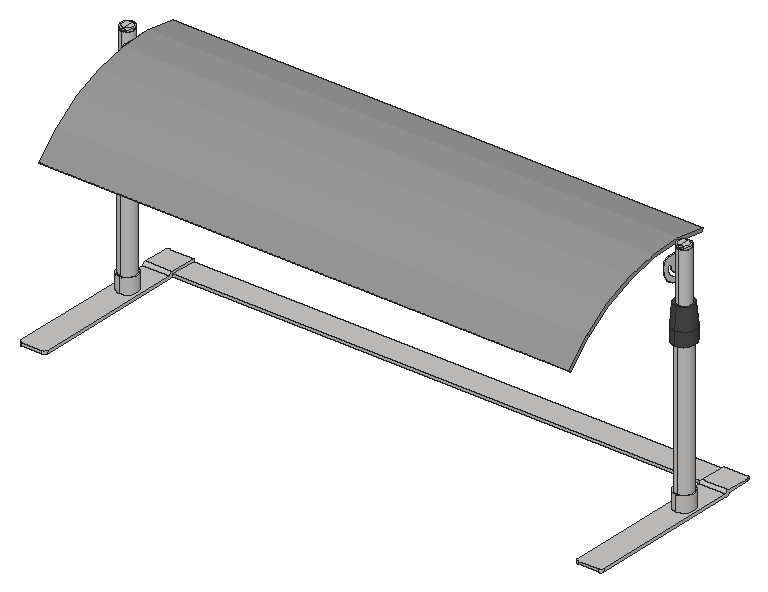
Revit family "QF_ENGLISH_IG", category Casework, Revit 2018
Family settings
  OmniClass Number = 23.40.35.00
  OmniClass Title = Casework
  Work Plane-Based = No
  Always vertical = Yes
  Cut with Voids When Loaded = No
  Shared = No
  Room Calculation Point = No
Parameters
  Model = "IG"
  Manufacturer = "ENGLISH MFG. INC."
  Foodservice Equipment Identifier [instance] = yes
  Description = "PORTABLES"
  Depth = 3' - 0"
  Height = 3' - 0"
  Width = 3' - 6"
  Food Sheild Width [instance] = 3' - 6"
  ADA [instance] = 2' - 10"
Reference planes (in)
  plane 1: z = 0
  plane 2 "Center (Left/Right)": x = 0.7377
  plane 3 "Left": x = -20.2623
  plane 4 "Right": x = 21.7377
  plane 5 "Front": y = -24
  plane 6 "Top": z = 36
  plane 7 "ADA Height": z = 34
  plane 8 "CL": y = -6
  plane 9: x = -19.2623
  plane 10: x = 20.7377
Forms (in)
  Extrusion 1, solid, material "Glass, Clear Glazing", not visible
    sketch origin (-27.47005, -0.06709, -0.1875) x (0, -1, 0) y (0, 0, -1)
      loop
        arc (29.5175, -47.708) -> (29.79707, -47.16357) -> (29.70707, -46.55821) r 1
        line (29.70707, -46.55821) -> (24.32569, -35.65787)
        arc (24.32569, -35.65787) -> (23.95689, -35.25124) -> (23.42901, -35.10055) r 1
        line (23.42901, -35.10055) -> (13.02444, -35.10055)
        arc (13.02444, -35.10055) -> (12.31733, -35.39345) -> (12.02444, -36.10055) r 1
        line (12.02444, -36.10055) -> (12.02444, -56.10055)
        arc (12.02444, -56.10055) -> (12.31733, -56.80766) -> (13.02444, -57.10055) r 1
        line (13.02444, -57.10055) -> (19.71073, -57.10055)
        arc (19.71073, -57.10055) -> (20.09342, -57.02443) -> (20.41784, -56.80766) r 1
        line (20.41784, -56.80766) -> (29.5175, -47.708)
    from 0 to 0.25
  Revolve 2, solid, not visible
    sketch origin (-2.43748, -47.28652, 37.1875) x (-1, 0, 0) y (0, -1, 0)
      loop
        line (25.04526, -23.875) -> (24.67303, -23.875) -> (24.67303, -24) -> (25.17026, -24) -> (25.17026, -23.75)
        arc (25.17026, -23.75) -> (25.13727, -23.61025) -> (25.04526, -23.5) r 0.3125
        line (25.04526, -23.5) -> (25.04526, -23.875)
      axis (24.67303, -24) -> (25.17026, -24)
    angle from 0 to 360
  Extrusion 3, solid, material "QF_Stainless Steel Brushed", not visible
    sketch origin (-26.30018, -47.32704, 0.44991) x (0, 1, 0) y (0, 0, -1)
      loop
        arc (24.38011, -37.25308) -> (24.45996, -37.21353) -> (24.49221, -37.13046) r 0.12311
        line (24.49221, -37.13046) -> (24.49221, -36.37291)
        arc (24.49221, -36.37291) -> (24.45568, -36.28472) -> (24.36749, -36.24819) r 0.12472
        line (24.36749, -36.24819) -> (22.80495, -36.24819)
        arc (22.80495, -36.24819) -> (22.71817, -36.28308) -> (22.6797, -36.36832) r 0.12536
        line (22.6797, -36.36832) -> (22.6797, -37.12342)
        arc (22.6797, -37.12342) -> (22.71767, -37.2151) -> (22.80935, -37.25308) r 0.12965
        line (22.80935, -37.25308) -> (24.38011, -37.25308)
    from -0.68967 to 0.81033
  Revolve 4, solid, not visible
    sketch origin (-2.43748, -47.28652, 44.4375) x (-1, 0, 0) y (0, -1, 0)
      loop
        line (25.04526, -23.875) -> (24.67303, -23.875) -> (24.67303, -24) -> (25.17026, -24) -> (25.17026, -23.75)
        arc (25.17026, -23.75) -> (25.13727, -23.61025) -> (25.04526, -23.5) r 0.3125
        line (25.04526, -23.5) -> (25.04526, -23.875)
      axis (24.67303, -24) -> (25.17026, -24)
    angle from 0 to 360
  Extrusion 5, solid, material "QF_Stainless Steel Brushed", not visible
    sketch origin (-26.30018, -47.32704, 7.69991) x (0, 1, 0) y (0, 0, -1)
      loop
        arc (24.38011, -37.25308) -> (24.45996, -37.21353) -> (24.49221, -37.13046) r 0.12311
        line (24.49221, -37.13046) -> (24.49221, -36.37291)
        arc (24.49221, -36.37291) -> (24.45568, -36.28472) -> (24.36749, -36.24819) r 0.12472
        line (24.36749, -36.24819) -> (22.80495, -36.24819)
        arc (22.80495, -36.24819) -> (22.71817, -36.28308) -> (22.6797, -36.36832) r 0.12536
        line (22.6797, -36.36832) -> (22.6797, -37.12342)
        arc (22.6797, -37.12342) -> (22.71767, -37.2151) -> (22.80935, -37.25308) r 0.12965
        line (22.80935, -37.25308) -> (24.38011, -37.25308)
    from -0.68967 to 0.81033
  Extrusion 6, solid, material "Glass, Clear Glazing", not visible
    sketch origin (28.94546, -0.06709, -0.1875) x (0, -1, 0) y (0, 0, 1)
      loop
        line (29.5175, 47.708) -> (20.41784, 56.80766)
        arc (20.41784, 56.80766) -> (20.09342, 57.02443) -> (19.71073, 57.10055) r 1
        line (19.71073, 57.10055) -> (13.02444, 57.10055)
        arc (13.02444, 57.10055) -> (12.31733, 56.80766) -> (12.02444, 56.10055) r 1
        line (12.02444, 56.10055) -> (12.02444, 36.10055)
        arc (12.02444, 36.10055) -> (12.31733, 35.39345) -> (13.02444, 35.10055) r 1
        line (13.02444, 35.10055) -> (23.42901, 35.10055)
        arc (23.42901, 35.10055) -> (23.95689, 35.25124) -> (24.32569, 35.65787) r 1
        line (24.32569, 35.65787) -> (29.70707, 46.55821)
        arc (29.70707, 46.55821) -> (29.79707, 47.16357) -> (29.5175, 47.708) r 1
    from 0 to 0.25
  Revolve 7, solid, not visible
    sketch origin (3.91289, -47.28652, 37.1875) x (1, 0, 0) y (0, 1, 0)
      loop
        line (25.04526, 23.875) -> (25.04526, 23.5)
        arc (25.04526, 23.5) -> (25.13727, 23.61025) -> (25.17026, 23.75) r 0.3125
        line (25.17026, 23.75) -> (25.17026, 24) -> (24.67303, 24) -> (24.67303, 23.875) -> (25.04526, 23.875)
      axis (24.67303, 24) -> (25.17026, 24)
    angle from 0 to 360
  Extrusion 8, solid, material "QF_Stainless Steel Brushed", not visible
    sketch origin (27.77559, -47.32704, 0.44991) x (0, 1, 0) y (0, 0, 1)
      loop
        line (24.38011, 37.25308) -> (22.80935, 37.25308)
        arc (22.80935, 37.25308) -> (22.71767, 37.2151) -> (22.6797, 37.12342) r 0.12965
        line (22.6797, 37.12342) -> (22.6797, 36.36832)
        arc (22.6797, 36.36832) -> (22.71817, 36.28308) -> (22.80495, 36.24819) r 0.12536
        line (22.80495, 36.24819) -> (24.36749, 36.24819)
        arc (24.36749, 36.24819) -> (24.45568, 36.28472) -> (24.49221, 36.37291) r 0.12472
        line (24.49221, 36.37291) -> (24.49221, 37.13046)
        arc (24.49221, 37.13046) -> (24.45996, 37.21353) -> (24.38011, 37.25308) r 0.12311
    from -0.68967 to 0.81033
  Revolve 9, solid, not visible
    sketch origin (3.91289, -47.28652, 44.4375) x (1, 0, 0) y (0, 1, 0)
      loop
        line (25.04526, 23.875) -> (25.04526, 23.5)
        arc (25.04526, 23.5) -> (25.13727, 23.61025) -> (25.17026, 23.75) r 0.3125
        line (25.17026, 23.75) -> (25.17026, 24) -> (24.67303, 24) -> (24.67303, 23.875) -> (25.04526, 23.875)
      axis (24.67303, 24) -> (25.17026, 24)
    angle from 0 to 360
  Extrusion 10, solid, material "QF_Stainless Steel Brushed", not visible
    sketch origin (27.77559, -47.32704, 7.69991) x (0, 1, 0) y (0, 0, 1)
      loop
        line (24.38011, 37.25308) -> (22.80935, 37.25308)
        arc (22.80935, 37.25308) -> (22.71767, 37.2151) -> (22.6797, 37.12342) r 0.12965
        line (22.6797, 37.12342) -> (22.6797, 36.36832)
        arc (22.6797, 36.36832) -> (22.71817, 36.28308) -> (22.80495, 36.24819) r 0.12536
        line (22.80495, 36.24819) -> (24.36749, 36.24819)
        arc (24.36749, 36.24819) -> (24.45568, 36.28472) -> (24.49221, 36.37291) r 0.12472
        line (24.49221, 36.37291) -> (24.49221, 37.13046)
        arc (24.49221, 37.13046) -> (24.45996, 37.21353) -> (24.38011, 37.25308) r 0.12311
    from -0.68967 to 0.81033
  Extrusion 11, solid, material "Glass, Clear Glazing"
    sketch origin (-20.2623, 0, 0) x (0, -1, 0) y (0, 0, 1)
      loop
        line (33.43412, 47.10774) -> (33.62445, 47.26983)
        arc (33.62445, 47.26983) -> (27.90151, 51.09791) -> (21.02124, 51.35903) r 12.64167
        line (21.02124, 51.35903) -> (21.08015, 51.11607)
        arc (21.08015, 51.11607) -> (27.82435, 50.86011) -> (33.43412, 47.10774) r 12.39167
    from -41 to -1
  Extrusion 12, solid, material "QF_Finishes_Stainless Steel"
    sketch origin (0, 0, 0) x (1, 0, 0) y (0, 1, 0)
      loop
        line (-19.2623, -19.03125) -> (-19.2623, -21.02124) -> (20.7377, -21.02124) -> (20.7377, -19.03125) -> (-19.2623, -19.03125)
    from 34.1875 to 34
Dimensions and locks (in)
  "Food Sheild Width": plane 3 "Left" to plane 4 "Right"
  equal spacing: plane 3 "Left", plane 2 "Center (Left/Right)", plane 4 "Right"
  "Height": level to plane 6 "Top"
  level to plane 6 "Top" = 3' - 0"
  plane 5 "Front" to plane 8 "CL" = 1' - 6"
  locked: plane 3 "Left" to plane 9 at 1
  locked: plane 10 to plane 4 "Right" at 1
  aligned and locked: plane 1 to level
  aligned and locked: plane 4 "Right" to nested 1
  aligned and locked: plane 3 "Left" to nested 2
  aligned and locked: Extrusion 11 to plane 9
  aligned and locked: plane 10 to Extrusion 11
  aligned and locked: Extrusion 12 to plane 9
Automatic sketch dimensions
  Extrusion 1 sketch curve to Extrusion 1 sketch curve = 0' - 1"  (x3)
  Extrusion 1 sketch curve to Extrusion 1 sketch curve = 0' - 0.70711"  (x2)
  Extrusion 1 sketch curve to Extrusion 1 sketch curve = 0' - 0.89668"  (x2)
  Extrusion 1 sketch curve to Extrusion 1 sketch curve = 0' - 0.44268"
  Extrusion 1 sketch curve to Extrusion 1 sketch curve = 0' - 9.09966"
  Revolve 2 sketch curve to Revolve 2 sketch curve = 0' - 0.18473"
  Revolve 2 sketch curve to Revolve 2 sketch curve = 0' - 0 3/16"
  Revolve 2 sketch curve to Revolve 2 sketch curve = 0' - 0 1/8"  (x3)
  Revolve 2 sketch curve to Revolve 2 sketch curve = 0' - 0"  (x3)
  Extrusion 3 sketch curve to Extrusion 3 sketch curve = 0' - 0.12525"
  Extrusion 3 sketch curve to Extrusion 3 sketch curve = 0' - 0.12965"
  Extrusion 3 sketch curve to Extrusion 3 sketch curve = 0' - 0.00161"
  Extrusion 3 sketch curve to Extrusion 3 sketch curve = 0' - 0.01101"
  Extrusion 3 sketch curve to Extrusion 3 sketch curve = 0' - 0.12472"
  Extrusion 3 sketch curve to Extrusion 3 sketch curve = 0' - 0.74987"
  Extrusion 3 sketch curve to Extrusion 3 sketch curve = 0' - 0.75755"
  Revolve 4 sketch curve to Revolve 4 sketch curve = 0' - 0.18473"
  Revolve 4 sketch curve to Revolve 4 sketch curve = 0' - 0 3/16"
  Revolve 4 sketch curve to Revolve 4 sketch curve = 0' - 0 1/8"  (x3)
  Revolve 4 sketch curve to Revolve 4 sketch curve = 0' - 0"  (x3)
  Extrusion 5 sketch curve to Extrusion 5 sketch curve = 0' - 0.12525"
  Extrusion 5 sketch curve to Extrusion 5 sketch curve = 0' - 0.12965"
  Extrusion 5 sketch curve to Extrusion 5 sketch curve = 0' - 0.00161"
  Extrusion 5 sketch curve to Extrusion 5 sketch curve = 0' - 0.01101"
  Extrusion 5 sketch curve to Extrusion 5 sketch curve = 0' - 0.12472"
  Extrusion 5 sketch curve to Extrusion 5 sketch curve = 0' - 0.74987"
  Extrusion 5 sketch curve to Extrusion 5 sketch curve = 0' - 0.75755"
  Extrusion 1 sketch curve to Extrusion 1 sketch curve = 0' - 6.68629"
  Extrusion 1 sketch curve to Extrusion 1 sketch curve = 0' - 10.40457"
  Extrusion 1 sketch curve to Extrusion 1 sketch curve = 0' - 5.38139"
  Extrusion 1 sketch curve to Extrusion 1 sketch curve = 0' - 10.90034"
  Extrusion 1 sketch curve to Extrusion 1 sketch curve = 0' - 0"
  Extrusion 3 sketch curve to Extrusion 3 sketch curve = 0' - 1.56254"
  Extrusion 5 sketch curve to Extrusion 5 sketch curve = 0' - 1.56254"
  Extrusion 6 sketch curve to Extrusion 6 sketch curve = 0' - 1"  (x3)
  Extrusion 6 sketch curve to Extrusion 6 sketch curve = 0' - 0.70711"  (x2)
  Extrusion 6 sketch curve to Extrusion 6 sketch curve = 0' - 0.89668"  (x2)
  Extrusion 6 sketch curve to Extrusion 6 sketch curve = 0' - 0.44268"
  Extrusion 6 sketch curve to Extrusion 6 sketch curve = 0' - 9.09966"
  Revolve 7 sketch curve to Revolve 7 sketch curve = 0' - 0.18473"
  Revolve 7 sketch curve to Revolve 7 sketch curve = 0' - 0 3/16"
  Revolve 7 sketch curve to Revolve 7 sketch curve = 0' - 0 1/8"  (x3)
  Revolve 7 sketch curve to Revolve 7 sketch curve = 0' - 0"  (x3)
  Extrusion 8 sketch curve to Extrusion 8 sketch curve = 0' - 0.12525"
  Extrusion 8 sketch curve to Extrusion 8 sketch curve = 0' - 0.12965"
  Extrusion 8 sketch curve to Extrusion 8 sketch curve = 0' - 0.00161"
  Extrusion 8 sketch curve to Extrusion 8 sketch curve = 0' - 0.01101"
  Extrusion 8 sketch curve to Extrusion 8 sketch curve = 0' - 0.12472"
  Extrusion 8 sketch curve to Extrusion 8 sketch curve = 0' - 0.12013"
  Extrusion 8 sketch curve to Extrusion 8 sketch curve = 0' - 0.74987"
  Revolve 9 sketch curve to Revolve 9 sketch curve = 0' - 0.18473"
  Revolve 9 sketch curve to Revolve 9 sketch curve = 0' - 0 3/16"
  Revolve 9 sketch curve to Revolve 9 sketch curve = 0' - 0 1/8"  (x3)
  Revolve 9 sketch curve to Revolve 9 sketch curve = 0' - 0"  (x3)
  Extrusion 10 sketch curve to Extrusion 10 sketch curve = 0' - 0.12525"
  Extrusion 10 sketch curve to Extrusion 10 sketch curve = 0' - 0.12965"
  Extrusion 10 sketch curve to Extrusion 10 sketch curve = 0' - 0.00161"
  Extrusion 10 sketch curve to Extrusion 10 sketch curve = 0' - 0.01101"
  Extrusion 10 sketch curve to Extrusion 10 sketch curve = 0' - 0.12472"
  Extrusion 10 sketch curve to Extrusion 10 sketch curve = 0' - 0.12013"
  Extrusion 10 sketch curve to Extrusion 10 sketch curve = 0' - 0.74987"
  Extrusion 6 sketch curve to Extrusion 6 sketch curve = 0' - 6.68629"
  Extrusion 6 sketch curve to Extrusion 6 sketch curve = 0' - 10.40457"
  Extrusion 6 sketch curve to Extrusion 6 sketch curve = 0' - 5.38139"
  Extrusion 6 sketch curve to Extrusion 6 sketch curve = 0' - 0.55732"
  Extrusion 6 sketch curve to Extrusion 6 sketch curve = 0' - 10.90034"
  Extrusion 8 sketch curve to Extrusion 8 sketch curve = 0' - 1.56254"
  Extrusion 10 sketch curve to Extrusion 10 sketch curve = 0' - 1.56254"
  Extrusion 11 sketch curve to Extrusion 11 sketch curve = 0' - 0"  (x2)
  Extrusion 11 sketch curve to plane 5 "Front" = 0' - 2.97876"
  Extrusion 11 sketch curve to Extrusion 11 sketch curve = 0' - 0.05891"
  plane 5 "Front" to Extrusion 11 sketch curve = 0' - 0.00005"
  Extrusion 11 sketch curve to plane 6 "Top" = 0' - 3.07333"
  Extrusion 11 sketch curve to Extrusion 11 sketch curve = 1' - 0.04274"
  Extrusion 11 sketch curve to Extrusion 11 sketch curve = 0' - 0.24296"
  plane 5 "Front" to Extrusion 11 sketch curve = 0' - 9.43412"
  Extrusion 11 sketch curve to Extrusion 11 sketch curve = 0' - 0.19033"
  Extrusion 12 sketch curve to plane 9 = 0' - 0"
  plane 10 to Extrusion 12 sketch curve = 0' - 0"
  Extrusion 12 sketch curve to plane 5 "Front" = 0' - 2.97876"
  Extrusion 12 sketch curve to Extrusion 12 sketch curve = 0' - 1.98999"
Nested families (in)
  nested 1: "QF_BSI_Food Shield_End Assembly" at (21.7377, -24, 0) x (-1, 0, 0) z (0, 0, 1), type "QF_BSI_Food Shield_End Assembly"
    with HEIGHT 1' - 8 1/2", DEPTH 1' - 1 1/2"
  nested 2: "QF_BSI_Food Shield_End Assembly" at (-20.2623, -24, 0), type "QF_BSI_Food Shield_End Assembly"
    with HEIGHT 1' - 8 1/2", DEPTH 1' - 1 1/2"
Definition of nested family "QF_BSI_Food Shield_End Assembly"
  Parameters (values of type "QF_BSI_Food Shield_End Assembly")
    HEIGHT [instance] = 1' - 8 1/2"
    DEPTH [instance] = 1' - 1 1/2"
    Assembly Code = ""
  Reference planes (in)
    plane 1 "Center Front/Back": y = 0
    plane 2: z = 0
    plane 3 "Center Left/Right": x = 0
    plane 4: z = 54.49817
    plane 5: z = 33.99817
  Forms (in)
    Revolve 1, solid
      sketch origin (0, 0, 0) x (0, 1, 0) y (0, 0, 1)
        loop
          line (0, 52.0275) -> (0, 48.0275) -> (0.5, 48.0275) -> (0.5, 51.7775) -> (0.43755, 51.7775)
          arc (0.43755, 51.7775) -> (0.48174, 51.79581) -> (0.50005, 51.84) r 0.0625
          line (0.50005, 51.84) -> (0.50005, 51.965)
          arc (0.50005, 51.965) -> (0.48174, 52.00919) -> (0.43755, 52.0275) r 0.0625
          line (0.43755, 52.0275) -> (0, 52.0275)
        loop
          line (0, 34.1875) -> (0.75, 34.1875) -> (0.75, 35.3125) -> (0.625, 35.3125) -> (0.625, 45.4275) -> (0, 45.4275) -> (0, 34.1875)
        axis (0, 52.0275) -> (0, 34.1875)
      angle from 0 to 360
    Revolve 2, solid
      sketch origin (0, 0, 0) x (0, 1, 0) y (0, 0, 1)
        loop
          line (0, 48.0275) -> (0, 45.4275) -> (0.84477, 45.4275) -> (0.84168, 46.42781) -> (0.70826, 48.0275) -> (0, 48.0275)
        axis (0, 48.0275) -> (0, 45.4275)
      angle from 0 to 360
    Extrusion 3, solid
      sketch origin (0, 0, 0) x (0, 1, 0) y (0, 0, 1)
        loop
          arc (-1.24995, 50.5275) -> (0.00005, 49.2775) -> (1.25005, 50.5275) r 1.25
          line (1.25005, 50.5275) -> (1.25005, 50.7485)
          arc (1.25005, 50.7485) -> (1.1036, 51.10205) -> (0.75005, 51.2485) r 0.5
          line (0.75005, 51.2485) -> (-0.74995, 51.2485)
          arc (-0.74995, 51.2485) -> (-1.1035, 51.10205) -> (-1.24995, 50.7485) r 0.5
          line (-1.24995, 50.7485) -> (-1.24995, 50.5275)
        loop
          arc (-0.90995, 50.5275) -> (0.00005, 49.6175) -> (0.91005, 50.5275) r 0.91
          arc (0.91005, 50.5275) -> (0.75005, 50.6875) -> (0.59005, 50.5275) r 0.16
          arc (0.59005, 50.5275) -> (0.00005, 49.9375) -> (-0.58995, 50.5275) r 0.59
          arc (-0.58995, 50.5275) -> (-0.74995, 50.6875) -> (-0.90995, 50.5275) r 0.16
        loop
          circle (0.00005, 50.5275) r 0.25
      from 0.49588 to 0.56632
    Extrusion 4, solid
      sketch origin (0, 0, 0) x (0, 1, 0) y (0, 0, 1)
        loop
          arc (-2.71875, 34.1875) -> (-2.80459, 34.32028) -> (-2.95294, 34.375) r 0.25
          line (-2.95294, 34.375) -> (-4.96875, 34.375) -> (-4.96875, 34.1875) -> (-2.96875, 34.1875)
          arc (-2.96875, 34.1875) -> (-2.8798, 34.05227) -> (-2.72666, 33.99817) r 0.25
          line (-2.72666, 33.99817) -> (9.03125, 33.99817) -> (9.03125, 34.1875) -> (-2.71875, 34.1875)
      from -1 to 1
    Extrusion 5, void
      sketch origin (0, 0, 0) x (1, 0, 0) y (0, 1, 0)
        loop
          line (-1, -4.96875) -> (-0.75, -4.96875)
          arc (-0.75, -4.96875) -> (-0.92678, -4.89553) -> (-1, -4.71875) r 0.25
          line (-1, -4.71875) -> (-1, -4.96875)
        loop
          line (1, 9.03125) -> (0.75, 9.03125)
          arc (0.75, 9.03125) -> (0.92678, 8.95803) -> (1, 8.78125) r 0.25
          line (1, 8.78125) -> (1, 9.03125)
        loop
          line (-1, 9.03125) -> (-1, 8.78125)
          arc (-1, 8.78125) -> (-0.92678, 8.95803) -> (-0.75, 9.03125) r 0.25
          line (-0.75, 9.03125) -> (-1, 9.03125)
      from 33.99817 to 34.375
  Cuts and joins
    Extrusion 5 cuts Extrusion 4
  Dimensions and locks (in)
    "HEIGHT": plane 4 to plane 5
    locked: plane 5 to level at 33.99817
    aligned and locked: level to plane 2
  Automatic sketch dimensions
    Revolve 1 sketch curve to plane 1 "Center Front/Back" = 0' - 0"  (x3)
    Revolve 1 sketch curve to plane 1 "Center Front/Back" = 0' - 0.43755"
    Revolve 1 sketch curve to Revolve 1 sketch curve = 0' - 0"
    Revolve 1 sketch curve to plane 1 "Center Front/Back" = 0' - 0 1/2"
    Revolve 1 sketch curve to Revolve 1 sketch curve = 0' - 0 1/16"
    Revolve 1 sketch curve to plane 1 "Center Front/Back" = 0' - 0 5/8"
    plane 5 to Revolve 1 sketch curve = 0' - 0.18933"
    Revolve 1 sketch curve to plane 1 "Center Front/Back" = 0' - 0 3/4"
    Revolve 1 sketch curve to Revolve 1 sketch curve = 0' - 1 1/8"
    Revolve 1 sketch curve to plane 4 = 0' - 9.07067"
    Revolve 1 sketch curve to Revolve 1 sketch curve = 0' - 2.6"
    Revolve 1 sketch curve to plane 4 = 0' - 2.65817"
    Revolve 1 sketch curve to Revolve 1 sketch curve = 0' - 0 1/8"
    Revolve 1 sketch curve to Revolve 1 sketch curve = 0' - 0 159/256"
    Revolve 1 sketch curve to Revolve 1 sketch curve = 0' - 0 1/4"
    Revolve 2 sketch curve to plane 1 "Center Front/Back" = 0' - 0"  (x2)
    Revolve 2 sketch curve to plane 1 "Center Front/Back" = 0' - 0.70826"
    Revolve 2 sketch curve to plane 1 "Center Front/Back" = 0' - 0.84168"
    Revolve 2 sketch curve to plane 1 "Center Front/Back" = 0' - 0.84477"
    Revolve 2 sketch curve to plane 4 = 0' - 9.07067"
    Revolve 2 sketch curve to Revolve 2 sketch curve = 0' - 1.00031"
    Revolve 2 sketch curve to Revolve 2 sketch curve = 0' - 1.59969"
    Revolve 2 sketch curve to Revolve 2 sketch curve = 0' - 0 3/4"
    Revolve 2 sketch curve to Revolve 2 sketch curve = 0' - 1"
    plane 1 "Center Front/Back" to Extrusion 3 sketch curve = 0' - 0.74995"
    Extrusion 3 sketch curve to plane 1 "Center Front/Back" = 0' - 0.00005"
    Extrusion 3 sketch curve to plane 4 = 0' - 3.97067"
    Extrusion 3 sketch curve to Extrusion 3 sketch curve = 0' - 0.221"  (x2)
    Extrusion 3 sketch curve to Extrusion 3 sketch curve = 0' - 0 1/2"
    Extrusion 3 sketch curve to Extrusion 3 sketch curve = 0' - 0"  (x6)
    Extrusion 3 sketch curve to Extrusion 3 sketch curve = 0' - 0.16"  (x3)
    plane 5 to Extrusion 4 sketch curve = 0' - 0.12695"
    plane 1 "Center Front/Back" to Extrusion 4 sketch curve = 0' - 2.96084"
    Extrusion 4 sketch curve to Extrusion 4 sketch curve = 0' - 0.00791"  (x3)
    plane 5 to Extrusion 4 sketch curve = 0' - 0.18933"  (x2)
    Extrusion 4 sketch curve to Extrusion 4 sketch curve = 0' - 2.01581"
    Extrusion 4 sketch curve to plane 1 "Center Front/Back" = 0' - 9 1/32"
    Extrusion 4 sketch curve to Extrusion 4 sketch curve = 0' - 0.06237"
    plane 5 to Extrusion 4 sketch curve = 0' - 0.0017"
    Extrusion 4 sketch curve to plane 5 = 0' - 0"
    Extrusion 4 sketch curve to Extrusion 4 sketch curve = 0' - 2.24209"
    Extrusion 5 sketch curve to plane 3 "Center Left/Right" = 0' - 1"  (x2)
    Extrusion 5 sketch curve to Extrusion 5 sketch curve = 0' - 0 1/4"  (x3)
    plane 1 "Center Front/Back" to Extrusion 5 sketch curve = 0' - 4 31/32"
    Extrusion 5 sketch curve to plane 1 "Center Front/Back" = 0' - 8 25/32"
    Extrusion 5 sketch curve to Extrusion 5 sketch curve = 0' - 0"
    plane 3 "Center Left/Right" to Extrusion 5 sketch curve = 0' - 0 3/4"
